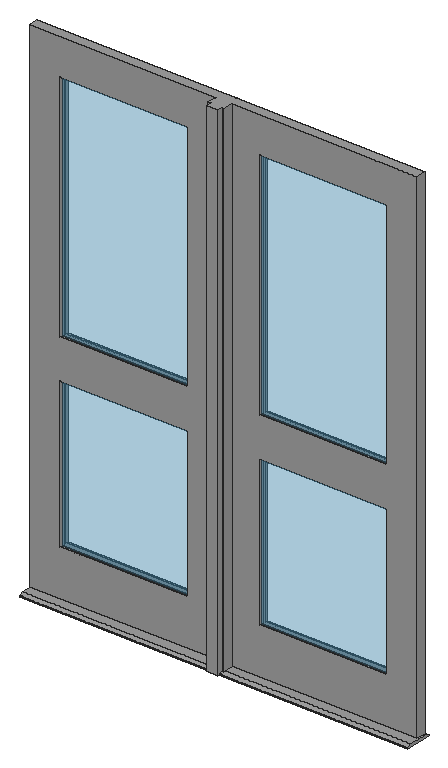
Revit family "PFM DOOR-Double-1-CHD-SF_v02", category Curtain Panels, Revit 2015
Parameters
  Width [instance] = 6' - 2"
  URL = "obe.com"
  Rough Width [instance] = 6' - 2"
  Offset [instance] = 0' - 0"
  Model = "PFM DOOR"
  Min Panel Width [instance] = if(Rough Width > 6' 1 255/256", Rough Width, 6' 2")  # 6' - 2"
  Manufacturer = "Oldcastle BuildingEnvelope®"
  Keynote = "08 11 00"
  Hinge [instance] = yes
  Height [instance] = 8' - 0"
  Glass Material = Glass
  Frame Material = Aluminum
  Door Panel Height [instance] = Height + 0' 0 1/8"  # 8' - 0 1/8"
  Description = "PerforMax Wide Stile Entrances - 1\" Door Infill"
  Assembly Code = "B2030"
  Analytic Construction = "<None>"
  6 Bottom Rail [instance] = yes
  10 Bottom Rail [instance] = not([6 Bottom Rail])  # no
Reference planes (in)
  plane 1 "Front": y = 0
  plane 2: z = 0
  plane 3 "Center (Left/Right)": x = 0
  plane 4 "Left": x = -37
  plane 5 "Right": x = 37
  plane 6 "Top": z = 96
  plane 7: x = -37
  plane 8: x = 37
Text (in)
  text "Exterior" at (-54.29358, 31.38743, 0), in view "Ref. Level"
  text "Exterior" at (480, 41.53993, 89.60405), in view "Right"
  text "Exterior" at (-240, 57.82419, 105.78864), in view "Left"
Dimensions and locks (in)
  equal spacing: plane 4 "Left", plane 3 "Center (Left/Right)", plane 5 "Right"
  "Width": plane 4 "Left" to plane 5 "Right"
  "Height": plane 6 "Top" to plane 2
  equal spacing: plane 7, plane 3 "Center (Left/Right)", plane 8
  "Min Panel Width": plane 7 to plane 8
  aligned and locked: level to plane 2
  aligned and locked: plane 3 "Center (Left/Right)" to nested 1
  aligned and locked: plane 1 "Front" to nested 1
Nested families (in)
  nested 1: "PFM DOOR-Double-1-CHD-Panel_v02" at (0, -18, 0), Frame Material <- "Frame Material", Glass Material <- "Glass Material", Hinge <- "Hinge", 6 Bottom Rail <- "6 Bottom Rail", Height <- "Door Panel Height", Width <- "Min Panel Width", Offset <- "Offset", type "PFM DOOR-Double-1-CHD-Panel_v02"
    with Wing Width 3' - 1", built-in parameter 1001301 6' - 2", Pushbar Height 3' - 5 1/4", Offset 0' - 0", Hinge yes, built-in parameter 1001300 8' - 0 1/8", Glass Material Glass, Frame Material Aluminum, Bottom Rail 0' - 8 29/32", 6 Bottom Rail yes, 10 Bottom Rail no
Definition of nested family "PFM DOOR-Double-1-CHD-Panel_v02"
  Parameters (values of type "PFM DOOR-Double-1-CHD-Panel_v02")
    Wing Width [instance] = Width / 2  # 3' - 0"
    Width [instance] = 6' - 0"
    Pushbar Height [instance] = 3' - 5 1/4"  # constant formula
    Offset [instance] = 0' - 3"
    Hinge [instance] = yes
    Height [instance] = 8' - 0"
    Glass Material [instance] = none
    Frame Material [instance] = none
    Bottom Rail [instance] = if([10 Bottom Rail], 0' 10 29/32", 0' 8 29/32")  # 0' - 8 29/32"
    Analytic Construction = "<None>"
    6 Bottom Rail [instance] = yes
    10 Bottom Rail [instance] = not([6 Bottom Rail])  # no
  Reference planes (in)
    plane 1 "00": y = 14.03125
    plane 2: z = 0
    plane 3 "Center (Left/Right)": x = 0
    plane 4: z = 96
    plane 5: x = -36
    plane 6: x = 36
    plane 7 "Center (Front/Back)": y = 18
    plane 8 "Exterior": y = 14.53125
    plane 9: z = 48
    plane 10: z = 8.90625
    plane 11: z = 89.531
    plane 12: z = 0
    plane 13: x = -30.4065
    plane 14: x = 30.4065
    plane 15 "Offset": y = 15
    plane 16: z = 41.25
    plane 17: z = 37.9685
    plane 18: z = 44.5315
  Forms (in)
    Sweep 1, solid, material <- "Frame Material"
      path origin (0, 14.03125, 0) x (1, 0, 0) y (0, 0, 1)
        loop
          line (-35.6875, 96) -> (-1, 96)
      profile origin (-18.34375, 14.03125, 96) x (0, 0, 1) y (0, -1, 0)
        loop
          line (-0.125, -0.875) -> (-0.125, 0.875) -> (-6.875, 0.875) -> (-6.875, 0.5) -> (-6.469, 0.5) -> (-6.469, -0.5) -> (-6.875, -0.5) -> (-6.875, -0.875) -> (-0.125, -0.875)
    Sweep 2, solid, material <- "Frame Material"
      path origin (0, 14.03125, 0) x (1, 0, 0) y (0, 0, 1)
        loop
          line (-1, 0) -> (-35.6875, 0)
      profile origin (-18.34375, 14.03125, 0) x (0, 0, -1) y (0, -1, 0)
        loop
          line (-4.93343, -0.875) -> (-0.6875, -0.875) -> (-0.6875, 0.875) -> (-4.93343, 0.875) -> (-9.4375, 0.875) -> (-9.4375, 0.5) -> (-8.90625, 0.5) -> (-8.90625, -0.5) -> (-9.4375, -0.5) -> (-9.4375, -0.875) -> (-4.93343, -0.875)
    Sweep 3, solid, material <- "Frame Material"
      path origin (0, 14.03125, 0) x (1, 0, 0) y (0, 0, 1)
        loop
          line (36, 95.875) -> (36, 0.6875)
      profile origin (36, 14.03125, 48.28125) x (0, -1, 0) y (1, 0, 0)
        loop
          line (-0.875, -0.3125) -> (-0.875, -6.0625) -> (-0.5, -6.0625) -> (-0.5, -5.5935) -> (0.5, -5.5935) -> (0.5, -6.0625) -> (0.875, -6.0625) -> (0.875, -0.3125) -> (-0.875, -0.3125)
    Sweep 4, solid, material <- "Frame Material"
      path origin (0, 14.03125, 0) x (1, 0, 0) y (0, 0, 1)
        loop
          line (-36, 95.875) -> (-36, 0.6875)
      profile origin (-36, 14.03125, 48.28125) x (0, -1, 0) y (1, 0, 0)
        loop
          line (-0.875, 6.0625) -> (-0.875, 0.3125) -> (0.875, 0.3125) -> (0.875, 6.0625) -> (0.5, 6.0625) -> (0.5, 5.5935) -> (-0.5, 5.5935) -> (-0.5, 6.0625) -> (-0.875, 6.0625)
    Sweep 5, solid, material <- "Frame Material"
      path origin (0, 14.03125, 0) x (1, 0, 0) y (0, 0, 1)
        loop
          line (0, 95.875) -> (0, 0.6875)
      profile origin (0, 14.03125, 48.28125) x (0, -1, 0) y (1, 0, 0)
        loop
          line (-0.875, -6.84375) -> (-0.5, -6.84375) -> (-0.5, -6.37475) -> (0.5, -6.37475) -> (0.5, -6.84375) -> (0.875, -6.84375) -> (0.875, -1) -> (-0.875, -1) -> (-0.875, -6.84375)
        loop
          line (0.875, 6.84375) -> (0.50073, 6.84375) -> (0.50073, 6.37475) -> (-0.49927, 6.37475) -> (-0.49927, 6.84375) -> (-0.875, 6.84375) -> (-0.875, 1) -> (0.875, 1) -> (0.875, 6.84375)
    Sweep 6, solid, material <- "Frame Material"
      path origin (0, 14.03125, 0) x (1, 0, 0) y (0, 0, 1)
        loop
          line (1, 96) -> (35.6875, 96)
      profile origin (18.34375, 14.03125, 96) x (0, 0, 1) y (0, -1, 0)
        loop
          line (-0.125, -0.875) -> (-0.125, 0.875) -> (-6.875, 0.875) -> (-6.875, 0.5) -> (-6.469, 0.5) -> (-6.469, -0.5) -> (-6.875, -0.5) -> (-6.875, -0.875) -> (-0.125, -0.875)
    Sweep 7, solid, material <- "Frame Material"
      path origin (0, 14.03125, 0) x (1, 0, 0) y (0, 0, 1)
        loop
          line (35.6875, 0) -> (1, 0)
      profile origin (18.34375, 14.03125, 0) x (0, 0, -1) y (0, -1, 0)
        loop
          line (-3.49593, -0.875) -> (-0.6875, -0.875) -> (-0.6875, 0.875) -> (-9.4375, 0.875) -> (-9.4375, 0.5) -> (-8.90625, 0.5) -> (-8.90625, -0.5) -> (-9.4375, -0.5) -> (-9.4375, -0.875) -> (-3.49593, -0.875)
    Extrusion 8, solid, material <- "Glass Material", detail levels medium+fine
      sketch origin (0, 0, 0) x (1, 0, 0) y (0, 1, 0)
        loop
          line (6.37475, 14.53125) -> (6.37475, 14.28325) -> (30.4065, 14.28325) -> (30.4065, 14.53125) -> (6.37475, 14.53125)
        loop
          line (30.4065, 13.53125) -> (30.4065, 13.77925) -> (6.37475, 13.77925) -> (6.37475, 13.53125) -> (30.4065, 13.53125)
      from 8.90625 to 37.9685
    Extrusion 9, solid, material <- "Glass Material", detail levels coarse
      sketch origin (0, 0, 0) x (1, 0, 0) y (0, 1, 0)
        loop
          line (6.37475, 14.53125) -> (6.37475, 13.53125) -> (30.4065, 13.53125) -> (30.4065, 14.53125) -> (6.37475, 14.53125)
      from 8.90625 to 37.9685
    Extrusion 10, solid, material <- "Glass Material", detail levels coarse
      sketch origin (0, 0, 0) x (1, 0, 0) y (0, 1, 0)
        loop
          line (-30.4065, 14.53125) -> (-30.4065, 13.53125) -> (-6.37475, 13.53125) -> (-6.37475, 14.53125) -> (-30.4065, 14.53125)
      from 8.90625 to 37.9685
    Extrusion 11, solid, material <- "Glass Material", detail levels medium+fine
      sketch origin (0, 0, 0) x (1, 0, 0) y (0, 1, 0)
        loop
          line (-30.4065, 14.53125) -> (-30.4065, 14.28325) -> (-6.37475, 14.28325) -> (-6.37475, 14.53125) -> (-30.4065, 14.53125)
        loop
          line (-30.4065, 13.77925) -> (-30.4065, 13.53125) -> (-6.37475, 13.53125) -> (-6.37475, 13.77925) -> (-30.4065, 13.77925)
      from 8.90625 to 37.9685
    Sweep 12, solid, material <- "Frame Material"
      path origin (0, 14.03125, 0) x (1, 0, 0) y (0, 0, 1)
        loop
          line (0, 95.875) -> (0, 0)
      profile origin (0, 14.03125, 47.9375) x (0, -1, 0) y (1, 0, 0)
        loop
          line (-1, -1) -> (0.875, -1) -> (0.875, -1.5) -> (2.641, -1.5) -> (2.641, -1) -> (3.54714, -1) -> (3.54714, 1) -> (2.641, 1) -> (2.641, 1.5) -> (0.875, 1.5) -> (0.875, 1) -> (-1, 1) -> (-1, -1)
    Extrusion 13, solid, material <- "Glass Material", detail levels medium+fine
      sketch origin (0, -2.5, 0) x (1, 0, 0) y (0, 1, 0)
        loop
          line (-30.4065, 16.27925) -> (-30.4065, 16.03125) -> (-6.37475, 16.03125) -> (-6.37475, 16.27925) -> (-30.4065, 16.27925)
        loop
          line (-30.4065, 17.03125) -> (-30.4065, 16.78325) -> (-6.37475, 16.78325) -> (-6.37475, 17.03125) -> (-30.4065, 17.03125)
      from 44.5315 to 89.531
    Extrusion 14, solid, material <- "Glass Material", detail levels coarse
      sketch origin (0, -6.5, 0) x (1, 0, 0) y (0, 1, 0)
        loop
          line (-30.4065, 20.03125) -> (-6.37475, 20.03125) -> (-6.37475, 21.03125) -> (-30.4065, 21.03125) -> (-30.4065, 20.03125)
      from 44.5315 to 89.531
    Extrusion 15, solid, material <- "Glass Material", detail levels medium+fine
      sketch origin (38, -2.5, 0) x (1, 0, 0) y (0, 1, 0)
        loop
          line (-31.62525, 16.27925) -> (-31.62525, 16.03125) -> (-7.5935, 16.03125) -> (-7.5935, 16.27925) -> (-31.62525, 16.27925)
        loop
          line (-31.62525, 17.03125) -> (-31.62525, 16.78325) -> (-7.5935, 16.78325) -> (-7.5935, 17.03125) -> (-31.62525, 17.03125)
      from 44.5315 to 89.531
    Extrusion 16, solid, material <- "Glass Material", detail levels coarse
      sketch origin (38, -6.5, 0) x (1, 0, 0) y (0, 1, 0)
        loop
          line (-31.62525, 21.03125) -> (-31.62525, 20.03125) -> (-7.5935, 20.03125) -> (-7.5935, 21.03125) -> (-31.62525, 21.03125)
      from 44.5315 to 89.531
    Sweep 17, solid, material <- "Frame Material"
      path origin (0, 14.03125, 0) x (1, 0, 0) y (0, 0, 1)
        loop
          line (-30.4065, 41.25) -> (-1.5, 41.25)
      profile origin (-15.95325, 14.03125, 41.25) x (0, 0, 1) y (0, -1, 0)
        loop
          line (3.2815, -0.5) -> (3.2815, 0.5) -> (3.8125, 0.5) -> (3.8125, 0.875) -> (-3.6875, 0.875) -> (-3.6875, 0.5) -> (-3.2815, 0.5) -> (-3.2815, -0.5) -> (-3.6875, -0.5) -> (-3.6875, -0.875) -> (3.8125, -0.875) -> (3.8125, -0.5) -> (3.2815, -0.5)
    Sweep 18, solid, material <- "Frame Material"
      path origin (48, 14.03125, 0) x (1, 0, 0) y (0, 0, 1)
        loop
          line (-46.5, 41.25) -> (-17.5935, 41.25)
      profile origin (15.95325, 14.03125, 41.25) x (0, 0, 1) y (0, -1, 0)
        loop
          line (3.2815, -0.5) -> (3.2815, 0.5) -> (3.8125, 0.5) -> (3.8125, 0.875) -> (-3.6875, 0.875) -> (-3.6875, 0.5) -> (-3.2815, 0.5) -> (-3.2815, -0.5) -> (-3.6875, -0.5) -> (-3.6875, -0.875) -> (3.8125, -0.875) -> (3.8125, -0.5) -> (3.2815, -0.5)
    Sweep 19, solid, material <- "Frame Material"
      path origin (0, 15, 0) x (1, 0, 0) y (0, 0, 1)
        loop
          line (35.6875, 0) -> (1, 0)
      profile origin (18.34375, 15, 0) x (0, 0, -1) y (0, -1, 0)
        loop
          line (-0.5, -0.09375) -> (-0.13357, -0.82661)
          arc (-0.13357, -0.82661) -> (-0.12214, -0.83912) -> (-0.10584, -0.84375) r 0.031
          line (-0.10584, -0.84375) -> (0, -0.84375) -> (0, 4.15625) -> (-0.10584, 4.15625)
          arc (-0.10584, 4.15625) -> (-0.12214, 4.15162) -> (-0.13357, 4.13911) r 0.031
          line (-0.13357, 4.13911) -> (-0.5, 3.40625) -> (-0.5, -0.09375)
    Sweep 20, solid, material <- "Frame Material"
      path origin (0, 15, 0) x (1, 0, 0) y (0, 0, 1)
        loop
          line (-1, 0) -> (-35.6875, 0)
      profile origin (-18.34375, 15, 0) x (0, 0, -1) y (0, -1, 0)
        loop
          line (-0.5, -0.09375) -> (-0.13357, -0.82661)
          arc (-0.13357, -0.82661) -> (-0.12214, -0.83912) -> (-0.10584, -0.84375) r 0.031
          line (-0.10584, -0.84375) -> (0, -0.84375) -> (0, 4.15625) -> (-0.10584, 4.15625)
          arc (-0.10584, 4.15625) -> (-0.12214, 4.15162) -> (-0.13357, 4.13911) r 0.031
          line (-0.13357, 4.13911) -> (-0.5, 3.40625) -> (-0.5, -0.09375)
  Cuts and joins
    joined: Sweep 1, Sweep 2, Sweep 3, Sweep 4, Sweep 5, Sweep 6, Sweep 7, Sweep 12, Sweep 17, Sweep 18, Sweep 19, Sweep 20
  Lines and regions (in)
    model lines
      curve 1: line (5.15641, 14.53125, 89.531) -> (29.969, 14.53125, 48.02216)
      curve 2: line (29.969, 14.53125, 48.02216) -> (5.15641, 14.53125, 8.90625)
      curve 3: line (-5.15965, 14.53125, 89.531) -> (-29.969, 14.53125, 48)
      curve 4: line (-29.969, 14.53125, 48) -> (-5.15965, 14.53125, 8.90625)
  Dimensions and locks (in)
    "Height": plane 4 to level
    equal spacing: plane 5, plane 3 "Center (Left/Right)", plane 6
    "Offset": plane 15 "Offset" to plane 7 "Center (Front/Back)"
    equal spacing: level, plane 9, plane 4
    locked: plane 3 "Center (Left/Right)" to Sweep 2 sketch curve at 1
    locked: Sweep 3 sketch curve to plane 4 at 0.125
    locked: Sweep 4 sketch curve to plane 4 at 0.125
    locked: plane 3 "Center (Left/Right)" to Sweep 1 sketch curve at 1
    locked: Sweep 6 sketch curve to plane 3 "Center (Left/Right)" at 1
    locked: Sweep 5 sketch curve to plane 4 at 0.125
    locked: Sweep 7 sketch curve to plane 10 at 0.53125  (x2)
    locked: Sweep 2 sketch curve to plane 10 at 0.53125  (x2)
    equal spacing: plane 4, plane 9, plane 12
    locked: plane 4 to plane 11 at 6.469
    Extrusion 11 sketch curve to Extrusion 11 sketch curve to plane 1 "00" to Extrusion 11 sketch curve to Extrusion 11 sketch curve = 0' - 0.248" locked, 0' - 0.252" locked, 0' - 0.252" locked, 0' - 0.248" locked
    Extrusion 10 sketch curve to plane 1 "00" to Extrusion 10 sketch curve = 0' - 0 1/2" locked, 0' - 0 1/2" locked
    Extrusion 9 sketch curve to plane 1 "00" to Extrusion 9 sketch curve = 0' - 0 1/2" locked, 0' - 0 1/2" locked
    Extrusion 8 sketch curve to Extrusion 8 sketch curve to plane 1 "00" to Extrusion 8 sketch curve to Extrusion 8 sketch curve = 0' - 0.248" locked, 0' - 0.252" locked, 0' - 0.252" locked, 0' - 0.248" locked
    "Bottom Rail": plane 10 to plane 12
    plane 3 "Center (Left/Right)" to Extrusion 8 sketch curve = 0' - 6.37475"  (x2)
    "Width": plane 5 to plane 6
    locked: plane 6 to Sweep 7 sketch curve at 0.3125
    locked: Sweep 2 sketch curve to plane 5 at 0.3125
    locked: Sweep 7 sketch curve to plane 3 "Center (Left/Right)" at 1
    locked: plane 14 to plane 6 at 5.5935
    locked: plane 5 to plane 13 at 5.5935
    locked: plane 4 to Sweep 12 sketch curve at 0.125
    locked: Sweep 1 sketch curve to plane 5 at 0.3125
    locked: plane 6 to Sweep 6 sketch curve at 0.3125
    locked: plane 11 to Sweep 1 sketch curve at 0.406  (x2)
    equal spacing: plane 18, plane 16, plane 17
    locked: plane 18 to plane 17 at 6.563
    "Pushbar Height": plane 16 to plane 12
    Extrusion 14 sketch curve to plane 1 "00" to Extrusion 14 sketch curve = 0' - 0 1/2" locked, 0' - 0 1/2" locked
    plane 1 "00" to plane 8 "Exterior" to plane 15 "Offset" = 0' - 0 1/2" locked, 0' - 0 15/32" locked
    locked: plane 3 "Center (Left/Right)" to Sweep 17 sketch curve at 1.5
    locked: Sweep 18 sketch curve to plane 3 "Center (Left/Right)" at 1.5
    locked: plane 6 to Sweep 19 sketch curve at 0.3125
    locked: Sweep 19 sketch curve to plane 3 "Center (Left/Right)" at 1
    locked: Sweep 20 sketch curve to plane 5 at 0.3125
    locked: plane 3 "Center (Left/Right)" to Sweep 20 sketch curve at 1
    locked: plane 12 to Sweep 4 sketch curve at 0.6875
    locked: plane 12 to Sweep 5 sketch curve at 0.6875
    locked: plane 12 to Sweep 3 sketch curve at 0.6875
    aligned and locked: plane 2 to level
    aligned and locked: Sweep 1 sketch curve to plane 4
    aligned and locked: Sweep 2 sketch curve to level
    aligned and locked: plane 3 "Center (Left/Right)" to Sweep 5 sketch curve
    aligned and locked: Sweep 7 sketch curve to level
    aligned and locked: plane 4 to Sweep 6 sketch curve
    aligned and locked: Sweep 6 sketch curve to plane 11
    aligned and locked: plane 10 to Sweep 2 sketch curve
    aligned and locked: Sweep 1 sketch curve to plane 11
    aligned and locked: plane 9 to curve 4
    aligned and locked: Extrusion 8 to plane 10
    aligned and locked: Extrusion 9 to plane 10
    aligned and locked: Sweep 4 sketch curve to plane 5
    aligned and locked: Sweep 3 sketch curve to plane 6
    aligned and locked: plane 14 to Extrusion 9
    aligned and locked: plane 14 to Extrusion 8  (x2)
    aligned and locked: Sweep 12 sketch curve to plane 3 "Center (Left/Right)"
    aligned and locked: plane 12 to Sweep 12 sketch curve
    aligned and locked: Extrusion 10 to plane 10
    aligned and locked: Extrusion 11 to plane 10
    aligned and locked: Extrusion 11 to plane 13
    aligned and locked: Extrusion 10 to plane 13
    aligned and locked: plane 17 to Extrusion 10
    aligned and locked: plane 17 to Extrusion 11
    aligned and locked: plane 17 to Extrusion 9
    aligned and locked: plane 17 to Extrusion 8
    aligned and locked: Sweep 3 sketch curve to plane 14
    aligned and locked: Extrusion 13 to plane 18
    aligned and locked: Extrusion 14 to plane 18
    aligned and locked: Extrusion 13 sketch curve to plane 13  (x2)
    aligned and locked: plane 14 to Extrusion 16 sketch curve
    aligned and locked: plane 14 to Extrusion 15 sketch curve  (x2)
    aligned and locked: Sweep 17 sketch curve to plane 18
    aligned and locked: plane 17 to Sweep 17 sketch curve
    aligned and locked: Sweep 17 sketch curve to plane 16
    aligned and locked: Sweep 18 sketch curve to plane 16
    aligned and locked: plane 11 to Extrusion 14
    aligned and locked: plane 11 to Extrusion 13
    aligned and locked: plane 11 to Extrusion 16
    aligned and locked: plane 11 to Extrusion 15
    aligned and locked: plane 14 to Sweep 18 sketch curve
    aligned and locked: plane 13 to Sweep 17 sketch curve
    aligned and locked: Sweep 19 sketch curve to plane 12
    aligned and locked: Sweep 20 sketch curve to plane 12
  Automatic sketch dimensions
    profile plane to Sweep 1 sketch curve = 0' - 0 1/8"
    Sweep 1 sketch curve to plane 1 "00" = 0' - 0 7/8"
    Sweep 1 sketch curve to Sweep 1 sketch curve = 0' - 0 3/8"
    plane 1 "00" to Sweep 1 sketch curve = 0' - 0 1/2"
    plane 1 "00" to Sweep 1 sketch curve = 0' - 0 7/8"
    Sweep 2 sketch curve to plane 1 "00" = 0' - 0 7/8"
    Sweep 2 sketch curve to Sweep 2 sketch curve = 0' - 3.97282"
    Sweep 2 sketch curve to Sweep 2 sketch curve = 0' - 0"
    Sweep 2 sketch curve to plane 1 "00" = 0' - 0 1/2"
    plane 1 "00" to Sweep 2 sketch curve = 0' - 0 1/2"
    Sweep 2 sketch curve to Sweep 2 sketch curve = 0' - 0 3/8"
    Sweep 5 sketch curve to plane 1 "00" = 0' - 0 7/8"  (x2)
    Sweep 5 sketch curve to Sweep 5 sketch curve = 0' - 0 3/8"
    Sweep 5 sketch curve to plane 1 "00" = 0' - 0.49927"
    plane 1 "00" to Sweep 5 sketch curve = 0' - 0 1/2"
    plane 1 "00" to Sweep 5 sketch curve = 0' - 0.50073"
    Sweep 5 sketch curve to Sweep 5 sketch curve = 0' - 0.37427"
    plane 1 "00" to Sweep 5 sketch curve = 0' - 0 7/8"
    profile plane to Sweep 5 sketch curve = 0' - 6 27/32"
    Sweep 5 sketch curve to Sweep 5 sketch curve = 0' - 0"
    Sweep 5 sketch curve to Sweep 5 sketch curve = 0' - 0.469"  (x3)
    profile plane to Sweep 5 sketch curve = 0' - 1"
    Sweep 5 sketch curve to profile plane = 0' - 1"
    Sweep 5 sketch curve to Sweep 5 sketch curve = 0' - 5.37475"
    Sweep 6 sketch curve to Sweep 6 sketch curve = 0' - 0.406"  (x2)
    profile plane to Sweep 6 sketch curve = 0' - 0 1/8"
    Sweep 6 sketch curve to plane 1 "00" = 0' - 0 7/8"
    Sweep 6 sketch curve to Sweep 6 sketch curve = 0' - 0 3/8"
    plane 1 "00" to Sweep 6 sketch curve = 0' - 0 1/2"
    plane 1 "00" to Sweep 6 sketch curve = 0' - 0 7/8"
    Sweep 7 sketch curve to Sweep 7 sketch curve = 0' - 0 17/32"
    Sweep 7 sketch curve to plane 1 "00" = 0' - 0 7/8"
    profile plane to Sweep 7 sketch curve = 0' - 3.49593"
    Sweep 7 sketch curve to plane 1 "00" = 0' - 0 1/2"
    plane 1 "00" to Sweep 7 sketch curve = 0' - 0 1/2"
    Sweep 7 sketch curve to Sweep 7 sketch curve = 0' - 0 3/8"
    Extrusion 8 sketch curve to plane 14 = 0' - 0"  (x2)
    Extrusion 9 sketch curve to plane 14 = 0' - 0"
    plane 3 "Center (Left/Right)" to Extrusion 9 sketch curve = 0' - 6.37475"
    Extrusion 10 sketch curve to plane 13 = 0' - 0"
    Extrusion 10 sketch curve to plane 3 "Center (Left/Right)" = 0' - 6.37475"
    Extrusion 11 sketch curve to plane 13 = 0' - 0"  (x2)
    Extrusion 11 sketch curve to plane 3 "Center (Left/Right)" = 0' - 6.37475"
    Extrusion 11 sketch curve to Extrusion 11 sketch curve = 0' - 0"
    curve 3 to plane 11 = 0' - 0"
    curve 4 to plane 10 = 0' - 0"
    curve 2 to plane 10 = 0' - 0"
    curve 1 to plane 11 = 0' - 0"
    plane 13 to curve 4 = 0' - 0 7/16"
    plane 9 to curve 2 = 0' - 0.02216"
    curve 2 to plane 14 = 0' - 0 7/16"
    curve 3 to plane 3 "Center (Left/Right)" = 0' - 5.15965"
    curve 4 to plane 3 "Center (Left/Right)" = 0' - 5.15965"
    plane 3 "Center (Left/Right)" to curve 2 = 0' - 5.15641"
    plane 3 "Center (Left/Right)" to curve 1 = 0' - 5.15641"
    Sweep 12 sketch curve to plane 1 "00" = 0' - 1"
    plane 1 "00" to Sweep 12 sketch curve = 0' - 0 7/8"  (x2)
    Sweep 12 sketch curve to Sweep 12 sketch curve = 0' - 1.766"  (x2)
    Sweep 12 sketch curve to Sweep 12 sketch curve = 0' - 0.90614"
    profile plane to Sweep 12 sketch curve = 0' - 1 1/2"
    Sweep 12 sketch curve to Sweep 12 sketch curve = 0' - 0 1/2"  (x3)
    Sweep 12 sketch curve to profile plane = 0' - 1"  (x2)
    plane 8 "Exterior" to Extrusion 13 sketch curve = 0' - 0"
    plane 1 "00" to Extrusion 13 sketch curve = 0' - 0.252"
    Extrusion 13 sketch curve to plane 3 "Center (Left/Right)" = 0' - 6.37475"
    plane 8 "Exterior" to Extrusion 13 sketch curve = 0' - 0.248"
    Extrusion 13 sketch curve to Extrusion 13 sketch curve = 0' - 0"
    Extrusion 13 sketch curve to Extrusion 13 sketch curve = 0' - 0.248"
    Extrusion 14 sketch curve to plane 13 = 0' - 0"
    Extrusion 14 sketch curve to plane 3 "Center (Left/Right)" = 0' - 6.37475"
    plane 8 "Exterior" to Extrusion 15 sketch curve = 0' - 0"
    plane 3 "Center (Left/Right)" to Extrusion 15 sketch curve = 0' - 6.37475"
    plane 1 "00" to Extrusion 15 sketch curve = 0' - 0.252"
    Extrusion 15 sketch curve to Extrusion 15 sketch curve = 0' - 0"
    Extrusion 15 sketch curve to Extrusion 15 sketch curve = 0' - 0.248"  (x2)
    plane 8 "Exterior" to Extrusion 16 sketch curve = 0' - 0"
    plane 3 "Center (Left/Right)" to Extrusion 16 sketch curve = 0' - 6.37475"
    plane 1 "00" to Extrusion 16 sketch curve = 0' - 0 1/2"
    Sweep 17 sketch curve to Sweep 17 sketch curve = 0' - 0.406"  (x2)
    Sweep 17 sketch curve to Sweep 17 sketch curve = 0' - 0.531"  (x2)
    Sweep 17 sketch curve to plane 1 "00" = 0' - 0 7/8"
    Sweep 17 sketch curve to Sweep 17 sketch curve = 0' - 0 3/8"  (x3)
    plane 1 "00" to Sweep 17 sketch curve = 0' - 0 1/2"  (x2)
    plane 1 "00" to Sweep 18 sketch curve = 0' - 0 7/8"
    profile plane to Sweep 18 sketch curve = 0' - 3 11/16"
    Sweep 18 sketch curve to Sweep 18 sketch curve = 0' - 0"
    Sweep 18 sketch curve to Sweep 18 sketch curve = 0' - 0.406"
    plane 1 "00" to Sweep 18 sketch curve = 0' - 0 1/2"
    Sweep 18 sketch curve to profile plane = 0' - 3.2815"
    Sweep 18 sketch curve to Sweep 18 sketch curve = 0' - 0.531"  (x2)
    Sweep 18 sketch curve to Sweep 18 sketch curve = 0' - 0 3/8"  (x2)
    Sweep 18 sketch curve to plane 1 "00" = 0' - 0 1/2"  (x2)
    profile plane to Sweep 3 sketch curve = 0' - 0 5/16"
    Sweep 3 sketch curve to plane 1 "00" = 0' - 0 7/8"
    Sweep 3 sketch curve to plane 1 "00" = 0' - 0 1/2"
    plane 1 "00" to Sweep 3 sketch curve = 0' - 0 1/2"
    plane 1 "00" to Sweep 3 sketch curve = 0' - 0 7/8"
    Sweep 3 sketch curve to Sweep 3 sketch curve = 0' - 0.469"  (x2)
    Sweep 4 sketch curve to plane 1 "00" = 0' - 0 7/8"
    Sweep 4 sketch curve to Sweep 4 sketch curve = 0' - 0 3/8"  (x2)
    plane 1 "00" to Sweep 4 sketch curve = 0' - 0 1/2"
    Sweep 4 sketch curve to profile plane = 0' - 0 5/16"
    Sweep 4 sketch curve to Sweep 4 sketch curve = 0' - 5.281"
    Sweep 4 sketch curve to Sweep 4 sketch curve = 0' - 0.469"  (x2)
    Sweep 17 sketch curve to plane 13 = 0' - 0"
    profile plane to Sweep 2 sketch curve = 0' - 0 11/16"
    profile plane to Sweep 7 sketch curve = 0' - 0 11/16"
    Sweep 19 sketch curve to plane 15 "Offset" = 0' - 0 3/32"
    profile plane to Sweep 19 sketch curve = 0' - 0 1/2"
    profile plane to Sweep 19 sketch curve = 0' - 0.13357"  (x2)
    Sweep 19 sketch curve to Sweep 19 sketch curve = 0' - 0.73286"  (x2)
    plane 15 "Offset" to Sweep 19 sketch curve = 0' - 3 13/32"
    Sweep 19 sketch curve to Sweep 19 sketch curve = 0' - 0.02773"  (x2)
    Sweep 19 sketch curve to Sweep 19 sketch curve = 0' - 0.01714"  (x2)
    Sweep 19 sketch curve to profile plane = 0' - 0"
    profile plane to Sweep 20 sketch curve = 0' - 0 1/2"
    plane 15 "Offset" to Sweep 20 sketch curve = 0' - 3 13/32"
    profile plane to Sweep 20 sketch curve = 0' - 0.13357"  (x2)
    Sweep 20 sketch curve to plane 15 "Offset" = 0' - 0 3/32"
    Sweep 20 sketch curve to Sweep 20 sketch curve = 0' - 0.73286"  (x2)
    Sweep 20 sketch curve to Sweep 20 sketch curve = 0' - 0.02773"  (x2)
    Sweep 20 sketch curve to Sweep 20 sketch curve = 0' - 0.01386"
    Sweep 20 sketch curve to profile plane = 0' - 0"
    Sweep 20 sketch curve to Sweep 20 sketch curve = 0' - 0.01714"
